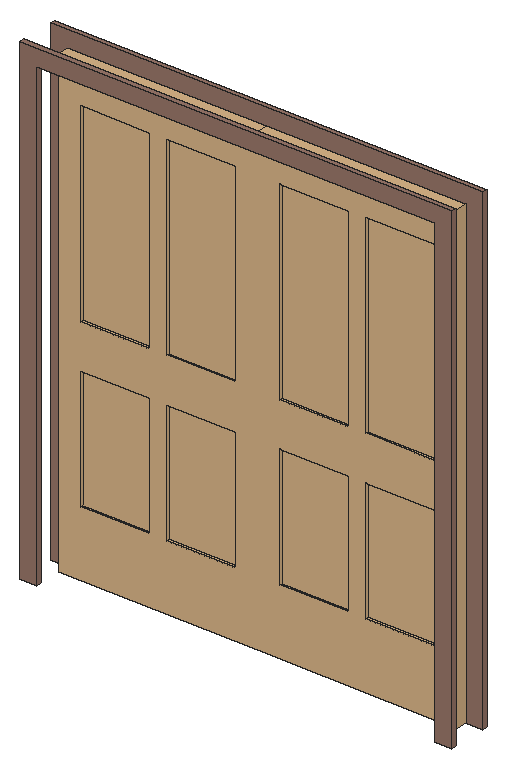
Revit family
Parameters (values of type "1830 x 2134mm")
  Thickness = 51.00 mm
  문 재료 = 문 - 패널
  프레임 재료 = 문 - 프레임
  Height = 2134.00 mm
  자르기 투영 외부 = 25.00 mm
  자르기 투영 내부 = 25.00 mm
  자르기 폭 = 76.00 mm
  Wall Closure = (empty or 0)
  Width = 1830.00 mm
Types (5, lengths in mm): name | Height | Width
  1830 x 1981mm | 1981.00 | 1830.00
  1830 x 2083mm | 2083.00 | 1830.00
  1830 x 2134mm | 2134.00 | 1830.00
  1730 x 2134mm | 2134.00 | 1730.00
  1730 x 2032mm | 2032.00 | 1730.00
Reference planes
  plane 1: y = 0
  plane 2: z = 0
  plane 3 "중심": x = 0
  plane 4 "왼쪽": x = -915
  plane 5 "오른쪽": x = 915
  plane 6 "상단": z = 2134
  plane 7: z = 1956.2
  plane 8: z = 1066.8
  plane 9: z = 863.6
  plane 10: z = 304.8
  plane 11: x = 813.4
  plane 12: x = 495.6
  plane 13: x = 419.4
  plane 14: x = 101.6
  plane 15: x = -101.6
  plane 16: x = -419.4
  plane 17: x = -495.6
  plane 18: x = -813.4
  plane 19: x = 457.5
  plane 20: x = -457.5
Forms (mm)
  Extrusion 1, solid, material "문 - 프레임" <- "프레임 재료"
    sketch origin (-2286, -76.2, 0) x (1, 0, 0) y (0, 0, 1)
      loop
        line (1371, 0) -> (1371, 2134) -> (3201, 2134) -> (3201, 0) -> (3277, 0) -> (3277, 2210) -> (1295, 2210) -> (1295, 0) -> (1371, 0)
    from 0 to 25
  Extrusion 2, solid, material "문 - 패널" <- "문 재료"
    sketch origin (-2286, 101.6, 0) x (-1, 0, 0) y (0, 0, 1)
      loop
        line (-3201, 2134) -> (-3201, 0) -> (-2286, 0) -> (-1371, 0) -> (-1371, 2134) -> (-2286, 2134) -> (-3201, 2134)
      loop
        line (-3099.4, 1956.2) -> (-3099.4, 1066.8) -> (-2781.6, 1066.8) -> (-2781.6, 1956.2) -> (-3099.4, 1956.2)
      loop
        line (-2705.4, 1956.2) -> (-2705.4, 1066.8) -> (-2387.6, 1066.8) -> (-2387.6, 1956.2) -> (-2705.4, 1956.2)
      loop
        line (-3099.4, 863.6) -> (-3099.4, 304.8) -> (-2781.6, 304.8) -> (-2781.6, 863.6) -> (-3099.4, 863.6)
      loop
        line (-2705.4, 863.6) -> (-2705.4, 304.8) -> (-2387.6, 304.8) -> (-2387.6, 863.6) -> (-2705.4, 863.6)
      loop
        line (-2184.4, 1066.8) -> (-1866.6, 1066.8) -> (-1866.6, 1956.2) -> (-2184.4, 1956.2) -> (-2184.4, 1066.8)
      loop
        line (-1790.4, 1956.2) -> (-1790.4, 1066.8) -> (-1472.6, 1066.8) -> (-1472.6, 1956.2) -> (-1790.4, 1956.2)
      loop
        line (-2184.4, 863.6) -> (-2184.4, 304.8) -> (-1866.6, 304.8) -> (-1866.6, 863.6) -> (-2184.4, 863.6)
      loop
        line (-1790.4, 863.6) -> (-1790.4, 304.8) -> (-1472.6, 304.8) -> (-1472.6, 863.6) -> (-1790.4, 863.6)
    from -25.4 to -76.4
  Extrusion 3, solid, material "문 - 패널" <- "문 재료"
    sketch origin (-2286, 76.2, 0) x (-1, 0, 0) y (0, 0, 1)
      loop
        line (-3099.4, 1956.2) -> (-3099.4, 1066.8) -> (-2781.6, 1066.8) -> (-2781.6, 1956.2) -> (-3099.4, 1956.2)
      loop
        line (-2387.6, 1066.8) -> (-2387.6, 1956.2) -> (-2705.4, 1956.2) -> (-2705.4, 1066.8) -> (-2387.6, 1066.8)
      loop
        line (-3099.4, 304.8) -> (-2781.6, 304.8) -> (-2781.6, 863.6) -> (-3099.4, 863.6) -> (-3099.4, 304.8)
      loop
        line (-2387.6, 863.6) -> (-2705.4, 863.6) -> (-2705.4, 304.8) -> (-2387.6, 304.8) -> (-2387.6, 863.6)
      loop
        line (-2184.4, 1066.8) -> (-1866.6, 1066.8) -> (-1866.6, 1956.2) -> (-2184.4, 1956.2) -> (-2184.4, 1066.8)
      loop
        line (-1790.4, 1066.8) -> (-1472.6, 1066.8) -> (-1472.6, 1956.2) -> (-1790.4, 1956.2) -> (-1790.4, 1066.8)
      loop
        line (-2184.4, 863.6) -> (-2184.4, 304.8) -> (-1866.6, 304.8) -> (-1866.6, 863.6) -> (-2184.4, 863.6)
      loop
        line (-1790.4, 863.6) -> (-1790.4, 304.8) -> (-1472.6, 304.8) -> (-1472.6, 863.6) -> (-1790.4, 863.6)
    from -12.7 to -38.3
  Extrusion 4, solid, material "문 - 프레임" <- "프레임 재료"
    sketch origin (-1524, 76.2, 0) x (-1, 0, 0) y (0, 0, 1)
      loop
        line (-2515, 2210) -> (-2515, 0) -> (-2439, 0) -> (-2439, 2134) -> (-609, 2134) -> (-609, 0) -> (-533, 0) -> (-533, 2210) -> (-2515, 2210)
    from 0 to 25
Lines and regions (mm)
  Opening 1
    outline origin (-2286, -76.2, 0) x (1, 0, 0) y (0, 0, 1)
      loop
        line (1371, 0) -> (3201, 0) -> (3201, 2134) -> (1371, 2134) -> (1371, 0)
  symbolic lines, style "평면 스윙"
    curve 1: arc (-0.741, 76.2, 0) -> (-268.855, 723.484, 0) -> (-916.139, 991.598, 0) r 915.398
    curve 2: arc (-0.741, 76.2, 0) -> (267.469, 723.766, 0) -> (915.006, 992.045, 0) r 915.845
  symbolic lines, style "DoorsPanelProjection"
    curve 3: line (-916.139, 76.2, 0) -> (-864, 76.2, 0)
    curve 4: line (-916.139, 76.2, 0) -> (-916.139, 991.598, 0)
    curve 5: line (915.006, 76.2, 0) -> (864, 76.2, 0)
    curve 6: line (915.006, 76.2, 0) -> (915.006, 992.045, 0)
    curve 7: line (864, 76.2, 0) -> (864, 990.619, 0)
    curve 10: line (863.955, 990.619, 0) -> (915.001, 990.619, 0)
    curve 11: line (-916.139, 991.598, 0) -> (-864, 991.598, 0)
    curve 12: line (-864, 991.598, 0) -> (-864, 76.2, 0)
  model lines, style "DoorsPanelProjection"
    curve 8: line (0, 76.2, 2134) -> (0, 76.2, 0)
    curve 9: line (0, 25.2, 2134) -> (0, 25.2, 0)
  symbolic lines, style "입면도 스윙"
    curve 13: line (0, 0, 2134) -> (915, 0, 1067)
    curve 14: line (0, 0, 0) -> (915, 0, 1067)
    curve 15: line (0, 0, 2134) -> (-915, 0, 1067)
    curve 16: line (-915, 0, 1067) -> (0, 0, 0)
Text (mm)
  text "외부" at (-1490.41, 693.701, 0), in view "바닥 선"
  text "내부" at (-1482.03, -638.649, 0), in view "바닥 선"
  text "외부" at (0, 1019.848, 3124.603), in view "오른쪽"
  text "내부" at (0, -1635.541, 3124.603), in view "오른쪽"
  text "내부" at (0, -787.806, 2867.919), in view "왼쪽"
  text "외부" at (0, 1386.095, 2867.919), in view "왼쪽"
Dimensions and locks
  equal spacing: plane 4 "왼쪽", plane 3 "중심", plane 5 "오른쪽"
  "Height": plane 2 to plane 6 "상단"
  "자르기 폭": Extrusion 1 sketch curve to plane 4 "왼쪽"
  "자르기 폭": Extrusion 1 sketch curve to plane 5 "오른쪽"
  "자르기 폭": Extrusion 1 sketch curve to plane 6 "상단"
  "자르기 투영 내부": Extrusion 1 to host wall
  plane 11 to plane 5 "오른쪽" = 101.60 mm
  plane 18 to plane 4 "왼쪽" = 101.60 mm
  plane 7 to plane 6 "상단" = 177.80 mm
  plane 9 to plane 8 = 203.20 mm
  host wall to plane 10 = 304.80 mm
  plane 14 to plane 3 "중심" to plane 15 = 101.60 mm locked, 101.60 mm locked
  "Thickness": Extrusion 2 to host wall
  "자르기 투영 외부": Extrusion 4 to host wall
  locked: Extrusion 2 to Extrusion 3 at 12.7
  locked: Extrusion 3 to Extrusion 2 at 12.7
  "자르기 폭": plane 6 "상단" to Extrusion 4 sketch curve
  "자르기 폭": plane 5 "오른쪽" to Extrusion 4 sketch curve
  "자르기 폭": Extrusion 4 sketch curve to plane 4 "왼쪽"
  "Thickness": curve 7 to plane 5 "오른쪽"
  "Width": plane 4 "왼쪽" to plane 5 "오른쪽"
  "Thickness": plane 4 "왼쪽" to curve 12
  equal spacing: plane 11, plane 19, plane 14
  plane 12 to plane 19 to plane 13 = 38.10 mm locked, 38.10 mm locked
  equal spacing: plane 15, plane 20, plane 18
  plane 16 to plane 20 to plane 17 = 38.10 mm locked, 38.10 mm locked
  equal spacing: level, curve 14, plane 6 "상단"
  equal spacing: level, curve 16, plane 6 "상단"
  aligned and locked: plane 4 "왼쪽" to Opening 1 sketch curve
  aligned and locked: plane 6 "상단" to Opening 1 sketch curve  (x2)
  aligned and locked: Opening 1 sketch curve to plane 5 "오른쪽"
  aligned and locked: Opening 1 sketch curve to level
  aligned and locked: plane 4 "왼쪽" to Extrusion 1 sketch curve
  aligned and locked: plane 6 "상단" to Extrusion 1 sketch curve  (x2)
  aligned and locked: plane 5 "오른쪽" to Extrusion 1 sketch curve  (x2)
  aligned and locked: level to Extrusion 1 sketch curve
  aligned and locked: Extrusion 1 sketch curve to level
  aligned and locked: plane 2 to Extrusion 1 sketch curve
  aligned and locked: Extrusion 1 to host wall
  aligned and locked: plane 11 to Extrusion 2 sketch curve  (x2)
  aligned and locked: plane 7 to Extrusion 2 sketch curve  (x4)
  aligned and locked: plane 8 to Extrusion 2 sketch curve  (x4)
  aligned and locked: plane 12 to Extrusion 2 sketch curve  (x2)
  aligned and locked: plane 13 to Extrusion 2 sketch curve  (x2)
  aligned and locked: plane 14 to Extrusion 2 sketch curve  (x2)
  aligned and locked: plane 9 to Extrusion 2 sketch curve  (x4)
  aligned and locked: plane 10 to Extrusion 2 sketch curve  (x4)
  aligned and locked: plane 15 to Extrusion 2 sketch curve  (x2)
  aligned and locked: Extrusion 2 sketch curve to plane 16
  aligned and locked: plane 17 to Extrusion 2 sketch curve  (x2)
  aligned and locked: plane 18 to Extrusion 2 sketch curve  (x2)
  aligned and locked: plane 16 to Extrusion 2 sketch curve
  aligned and locked: plane 11 to Extrusion 3 sketch curve
  aligned and locked: plane 7 to Extrusion 3 sketch curve  (x2)
  aligned and locked: Extrusion 3 sketch curve to Extrusion 2  (x23)
  aligned and locked: plane 14 to Extrusion 3 sketch curve
  aligned and locked: Extrusion 3 sketch curve to plane 8
  aligned and locked: Extrusion 2 to Extrusion 3 sketch curve
  aligned and locked: host wall to Extrusion 2
  aligned and locked: curve 5 to Extrusion 2
  aligned and locked: curve 9 to curve 8
  aligned and locked: plane 16 to Extrusion 3 sketch curve
  aligned and locked: plane 17 to Extrusion 3 sketch curve
  aligned and locked: curve 10 to curve 7
  aligned and locked: host wall to curve 1
  aligned and locked: curve 3 to host wall
  aligned and locked: curve 11 to curve 4
Automatic sketch dimensions
  Extrusion 2 sketch curve to level = 0.00 mm
  Extrusion 2 sketch curve to plane 4 "왼쪽" = 0.00 mm
  Extrusion 2 sketch curve to plane 3 "중심" = 0.00 mm  (x2)
  Extrusion 2 sketch curve to plane 5 "오른쪽" = 0.00 mm
  Extrusion 2 sketch curve to plane 6 "상단" = 0.00 mm
  Extrusion 4 sketch curve to level = 0.00 mm  (x2)
  Extrusion 4 sketch curve to plane 5 "오른쪽" = 0.00 mm
  Extrusion 4 sketch curve to plane 4 "왼쪽" = 0.00 mm
  Extrusion 4 sketch curve to plane 6 "상단" = 0.00 mm
  Extrusion 3 sketch curve to plane 10 = 0.00 mm
  curve 10 to curve 7 = 0.045 mm
  curve 1 to plane 3 "중심" = 0.741 mm
  curve 2 to curve 1 = 0.00 mm
  curve 3 to curve 12 = 0.00 mm
  plane 4 "왼쪽" to curve 4 = 1.139 mm
  curve 11 to curve 1 = 0.00 mm
  curve 10 to plane 5 "오른쪽" = 0.001 mm
  curve 6 to plane 5 "오른쪽" = 0.006 mm
  curve 5 to curve 2 = 0.098 mm
  curve 12 to curve 3 = 0.00 mm
  curve 13 to plane 3 "중심" = 0.00 mm
  curve 13 to plane 6 "상단" = 0.00 mm
  curve 9 to plane 3 "중심" = 0.00 mm
  curve 9 to plane 6 "상단" = 0.00 mm
  curve 8 to plane 6 "상단" = 0.00 mm
  curve 15 to plane 4 "왼쪽" = 0.00 mm
  curve 13 to plane 5 "오른쪽" = 0.00 mm
  curve 8 to level = 0.00 mm
  curve 9 to level = 0.00 mm
  curve 14 to level = 0.00 mm
  curve 16 to plane 3 "중심" = 0.00 mm
